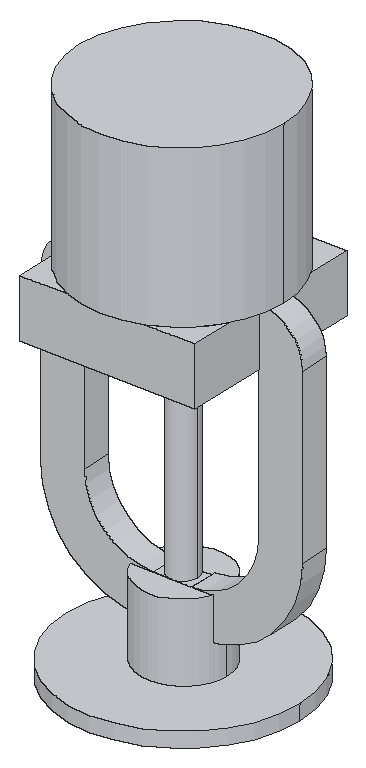
Revit family
Parameters (values of type "RASCO F1 PENDENT")
  Temperature Rating = 155 °F
  Response = (empty or 0)
  RASCO SIN # = "R1712"
  RASCO Part # = "FP17C"
  Pressure Rating = "175 PSI"
  Pressure Class = (empty or 0)
  Orifice Size = 7/16"
  Orifice = (empty or 0)
  Model = "F1"
  Manufacturer = "RASCO"
  K-Factor = 5.6
  Description = "Chrome Finish"
  Coverage = (empty or 0)
Reference planes (in)
  plane 1 "Center (Front/Back)": y = 0
  plane 2: z = 0
  plane 3 "Center (Left/Right)": x = 0
Dimensions and locks (in)
  aligned and locked: plane 2 to level
Nested families (in)
  nested 1: "FP17C" at (-0.0113, 0, 2.4375) x (-1, 0, 0) z (0, 0, -1), type "RASCO F1 PENDENT"
Connectors (in)
  piping at (-0.0113, 0, 2.4375)
    settings: on nested 1, index 1, connector radius 55/128", flow factor 0, pipe flow 0 GPM, pressure drop 0.00 psi, fitting loss kfactor 0, connector angle 0.00°, fixture units 0, flow configuration 0, flow direction 0, fitting loss method 0, system type 7, connector reference index -1, connector utility 0, adjustable connector no, is connector primary yes, fitting loss table "", connector description ""
Definition of nested family "FP17C"
  Parameters (values of type "RASCO F1 PENDENT")
    Type Comments = ""
    Temperature Rating = 0 °F
    Response = (empty or 0)
    Pressure Rating = "0"
    Pressure Class = (empty or 0)
    Orifice Size = 0"
    Orifice = (empty or 0)
    Model = ""
    Manufacturer = ""
    K-Factor = 0
    Description = ""
    Coverage = (empty or 0)
    Assembly Code = ""
  Reference planes (in)
    plane 1 "Center (Front/Back)": y = 0
    plane 2: z = 0
    plane 3 "ref.2": z = 0.6875
    plane 4 "ref.3": z = 0.9375
    plane 5: x = -0.38065
    plane 6: x = 0.36935
    plane 7 "ref. side 1": y = 0.06402
    plane 8 "ref. side 2": y = -0.06098
    plane 9 "ref.4": z = 1.875
    plane 10 "ref.5": z = 2.3125
    plane 11 "ref.6": z = 2.4375
  Forms (in)
    Extrusion 1, solid
      sketch origin (0, 0, 0) x (1, 0, 0) y (0, 1, 0)
        loop
          circle (0, 0) r 0.4379
      from 0 to 0.6875
    Extrusion 2, solid
      sketch origin (-0.12185, 0.05177, 0.6875) x (1, 0, 0) y (0, 1, 0)
        loop
          line (-0.2588, 0.356) -> (-0.2588, -0.4565) -> (0.4912, -0.4565) -> (0.4912, 0.356) -> (-0.2588, 0.356)
      from 0 to 0.25
    Extrusion 3, solid
      sketch origin (0, 0, 0) x (1, 0, 0) y (0, 0, 1)
        loop
          line (-0.38065, 0.68754) -> (-0.38065, 1.58397)
          arc (-0.38065, 1.58397) -> (-0.29541, 1.78976) -> (-0.08962, 1.875) r 0.29103
          line (-0.08962, 1.875) -> (0.07524, 1.875)
          arc (0.07524, 1.875) -> (0.28321, 1.78886) -> (0.36935, 1.58089) r 0.29411
          line (0.36935, 1.58089) -> (0.36935, 0.68751)
          arc (0.36935, 0.68751) -> (0.50207, 0.74393) -> (0.55685, 0.87734) r 0.18984
          line (0.55685, 0.87734) -> (0.55685, 1.61676)
          arc (0.55685, 1.61676) -> (0.42629, 1.93194) -> (0.11111, 2.0625) r 0.44574
          line (0.11111, 2.0625) -> (-0.12259, 2.0625)
          arc (-0.12259, 2.0625) -> (-0.43765, 1.932) -> (-0.56815, 1.61694) r 0.44556
          line (-0.56815, 1.61694) -> (-0.56815, 0.87876)
          arc (-0.56815, 0.87876) -> (-0.51345, 0.74486) -> (-0.38065, 0.68754) r 0.19126
      from -0.06402 to 0.06098
    Extrusion 4, solid
      sketch origin (0, 0, 0.9375) x (-1, 0, 0) y (0, -1, 0)
        loop
          circle (0.00574, -0.00152) r 0.0625
      from 0 to 0.9375
    Extrusion 5, solid
      sketch origin (0, 0, 1.875) x (-1, 0, 0) y (0, -1, 0)
        loop
          circle (0.00574, -0.00152) r 0.1875
      from 0 to 0.4375
    Extrusion 6, solid
      sketch origin (0, 0, 2.3125) x (0, -1, 0) y (1, 0, 0)
        loop
          circle (-0.00152, -0.00574) r 0.5
      from -0.10531 to -0.03987
  Cuts and joins
    joined: Extrusion 1, Extrusion 2, Extrusion 4
  Lines and regions (in)
    model lines
      curve 1: line (-0.00574, 0.06402, 1.875) -> (-0.00574, -0.06098, 1.875)
